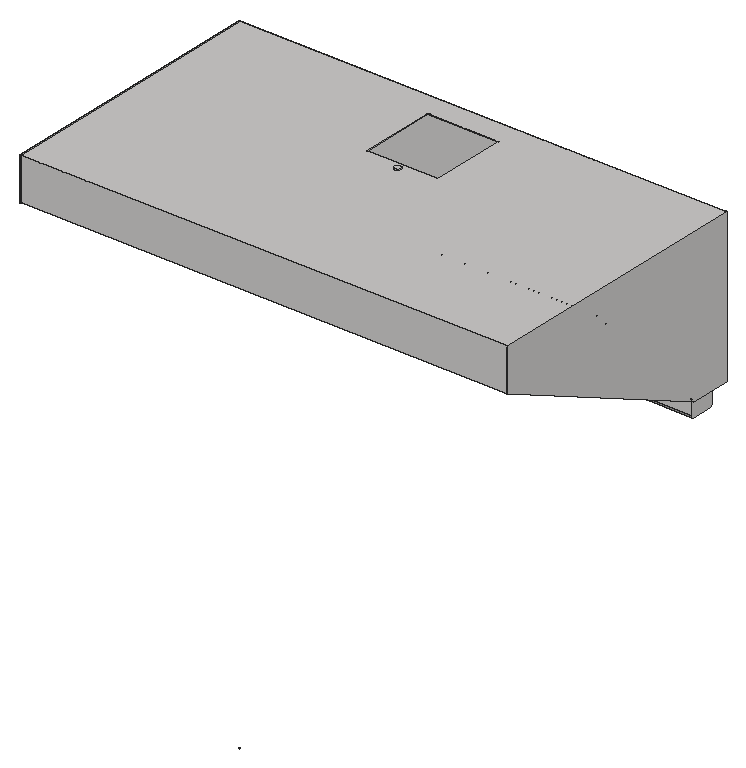
Revit family "QF_ELECTROLUXPROFESSIONAL_644184_AMPV916BT", category Specialty Equipment, Revit 2014
Reference planes
  plane 1: z = 0
  plane 2 "Center (Left/Right)": x = 150
  plane 3 "LEFT": x = -650
  plane 4 "RIGHT": x = 950
  plane 5 "BACK": y = 550
  plane 6 "Plane": z = 2000
  plane 7 "TOP": z = 2140
  plane 8 "Base": z = 1640
  plane 9: z = 1566
  plane 10 "DrainY": y = 485
  plane 11: x = -647
  plane 12: through (0, 414.509, 1640.8) normal (0, 0.7314, 0.682)
  plane 13: y = 470
  plane 14: y = 220
  plane 15 "DrainX": x = 830
  plane 16: x = 33.5
  plane 17: x = 266.5
  plane 18: x = 947
  plane 19: x = 740
  plane 20: x = 920
  plane 21: x = -450
  plane 22: x = 750
  plane 23: x = -47.5
  plane 24: x = 347.5
  plane 25 "Center (Front/Back)": y = 100
  plane 26: y = -350
  plane 27: y = 200
Forms (mm)
  Extrusion 1, solid, material "QF_Finishes_Stainless Steel"
    sketch origin (-650, 0, 0) x (0, 1, 0) y (0, 0, 1)
      loop
        line (550, 1640) -> (550, 2140) -> (-350, 2140) -> (-350, 1998.603) -> (413.973, 1640) -> (550, 1640)
    from 0 to 3
  Extrusion 2, solid, material "QF_Finishes_Stainless Steel"
    sketch origin (150, 0, 0) x (0, 1, 0) y (0, 0, 1)
      loop
        line (415.255, 1640) -> (550, 1640) -> (550, 2139.19) -> (549.2, 2139.19) -> (549.2, 1640.8) -> (415.876, 1640.8) -> (339.347, 1722.867) -> (349.609, 1732.436) -> (348.927, 1733.167) -> (337.934, 1722.917) -> (415.255, 1640)
      loop
        line (-82.203, 2139.19) -> (-82.203, 2118.6) -> (-31.047, 2118.6) -> (34.354, 2048.466) -> (46.028, 2059.352) -> (45.346, 2060.083) -> (34.403, 2049.879) -> (-30.612, 2119.6) -> (-81.203, 2119.6) -> (-81.203, 2139.19) -> (-82.203, 2139.19)
    from -797 to 797
  Extrusion 3, solid, material "QF_Finishes_Stainless Steel"
    sketch origin (950, 0, 0) x (0, 1, 0) y (0, 0, 1)
      loop
        line (550, 1640) -> (550, 2140) -> (-350, 2140) -> (-350, 1998.603) -> (413.973, 1640) -> (550, 1640)
    from 0 to -3
  Extrusion 4, solid, material "QF_Finishes_Stainless Steel"
    sketch origin (150, 0, 0) x (0, 1, 0) y (0, 0, 1)
      loop
        line (-350, 2140) -> (-350, 2000) -> (-349.2, 2000) -> (-349.2, 2139.19) -> (550, 2139.19) -> (550, 2140) -> (-350, 2140)
    from -800 to 800
  Extrusion 5, solid, material "QF_Finishes_Stainless Steel"
    sketch origin (150, 0, 0) x (0, 1, 0) y (0, 0, 1)
      loop
        line (534, 1640) -> (436, 1640) -> (436, 1627) -> (443.5, 1627) -> (443.5, 1576)
        arc (443.5, 1576) -> (446.429, 1568.929) -> (453.5, 1566) r 10
        line (453.5, 1566) -> (516.5, 1566)
        arc (516.5, 1566) -> (523.571, 1568.929) -> (526.5, 1576) r 10
        line (526.5, 1576) -> (526.5, 1627) -> (534, 1627) -> (534, 1640)
    from 590 to 770
  Extrusion 6, solid, material "QF_Finishes_Stainless Steel"
    sketch origin (0, 0, 1640) x (0, 1, 0) y (-1, 0, 0)
      loop
        circle (485, -830) r 20
    from -76 to -74
  Extrusion 7, solid, material "QF_Finished_Chrome"
    sketch origin (150, 0, 0) x (0, 1, 0) y (0, 0, 1)
      loop
        line (337.934, 1722.917) -> (341.591, 1726.327) -> (38.011, 2051.876) -> (34.354, 2048.466) -> (337.934, 1722.917)
    from -197.5 to -600
  Extrusion 8, solid, material "QF_Finishes_Stainless Steel"
    sketch origin (150, 0, 0) x (0, 1, 0) y (0, 0, 1)
      loop
        line (337.934, 1722.917) -> (341.591, 1726.327) -> (38.011, 2051.876) -> (34.354, 2048.466) -> (337.934, 1722.917)
    from 797 to 600
  Extrusion 9, solid, material "QF_Finished_Chrome"
    sketch origin (150, 0, 0) x (0, 1, 0) y (0, 0, 1)
      loop
        line (341.588, 1726.324) -> (38.009, 2051.874) -> (34.354, 2048.466) -> (337.934, 1722.917) -> (341.588, 1726.324)
    from 197.5 to 600
  Extrusion 10, void
    sketch origin (0, 0, 2140) x (0, 1, 0) y (-1, 0, 0)
      loop
        line (470, -266.5) -> (470, -33.5) -> (220, -33.5) -> (220, -266.5) -> (470, -266.5)
    from 0 to -10
  Extrusion 11, solid, material "QF_Finishes_Stainless Steel"
    sketch origin (0, 0, 0) x (1, 0, 0) y (0, 1, 0)
      loop
        line (-650, 550) -> (-650, 549) -> (-649, 549) -> (-649, 550) -> (-650, 550)
    from 0 to 1
  Extrusion 12, solid, material "QF_Finishes_Stainless Steel"
    sketch origin (150, 0, 0) x (0, 1, 0) y (0, 0, 1)
      loop
        line (337.934, 1722.917) -> (341.591, 1726.327) -> (38.011, 2051.876) -> (34.354, 2048.466) -> (337.934, 1722.917)
    from -600 to -797
  Extrusion 13, solid, material "QF_Finishes_Stainless Steel"
    sketch origin (150, 0, 0) x (0, 1, 0) y (0, 0, 1)
      loop
        line (337.934, 1722.917) -> (341.591, 1726.327) -> (38.011, 2051.876) -> (34.354, 2048.466) -> (337.934, 1722.917)
    from 197.5 to -197.5
  Extrusion 14, solid, material "QF_Finishes_Stainless Steel"
    sketch origin (0, 0, 2140) x (0, 1, 0) y (-1, 0, 0)
      loop
        circle (200, -150) r 10
    from 0 to 1.6
Cuts and joins
  Extrusion 10 cuts Extrusion 4
  joined: Extrusion 2, Extrusion 4
Lines and regions (mm)
  reference lines
    curve 1: line (150, 34.354, 2048.466) -> (150, 34.354, 1888.466)
  symbolic lines, style "SpecialityEquipment", detail levels coarse
    curve 2: line (950, 550, 2140) -> (-650, 550, 2140)
    curve 3: line (-650, 550, 2140) -> (-650, -350, 2140)
    curve 4: line (950, -350, 2140) -> (950, 550, 2140)
    curve 5: line (-650, -350, 2140) -> (950, -350, 2140)
    curve 6: line (266.5, 220, 2140) -> (33.5, 220, 2140)
    curve 7: line (266.5, 470, 2140) -> (266.5, 220, 2140)
    curve 8: line (33.5, 470, 2140) -> (266.5, 470, 2140)
    curve 9: line (33.5, 220, 2140) -> (33.5, 470, 2140)
    curve 10: line (-650, 550, 0) -> (950, -350, 0)
    curve 11: line (950, 550, 0) -> (-650, -350, 0)
Dimensions and locks
  plane 3 "LEFT" to plane 4 "RIGHT" = 1600 mm
  equal spacing: plane 3 "LEFT", plane 2 "Center (Left/Right)", plane 4 "RIGHT"
  locked: plane 6 "Plane" to level at 2000
  plane 7 "TOP" to plane 6 "Plane" = 140 mm
  locked: plane 7 "TOP" to plane 8 "Base" at 500
  plane 8 "Base" to plane 9 = 74 mm
  plane 5 "BACK" to plane 10 "DrainY" = 65 mm  (x2)
  plane 3 "LEFT" to plane 11 = 3 mm
  plane 5 "BACK" to plane 13 = 80 mm
  plane 13 to plane 14 = 250 mm  (x2)
  plane 15 "DrainX" to plane 4 "RIGHT" = 120 mm
  plane 18 to plane 4 "RIGHT" = 3 mm
  locked: plane 19 to plane 15 "DrainX" at 90
  locked: plane 15 "DrainX" to plane 20 at 90
  plane 13 to plane 5 "BACK" = 80 mm
  plane 3 "LEFT" to plane 21 = 200 mm
  plane 22 to plane 4 "RIGHT" = 200 mm
  locked: plane 23 to plane 24 at 395
  equal spacing: plane 23, plane 2 "Center (Left/Right)", plane 24
  locked: plane 16 to plane 17 at 233
  equal spacing: plane 16, plane 2 "Center (Left/Right)", plane 17
  locked: plane 5 "BACK" to plane 26 at 900
  equal spacing: plane 5 "BACK", plane 25 "Center (Front/Back)", plane 26
  plane 14 to plane 26 = 570 mm
  plane 5 "BACK" to plane 26 = 900 mm
  plane 14 to plane 27 = 20 mm
  aligned and locked: level to plane 1
  aligned and locked: Extrusion 2 to Extrusion 1
  aligned and locked: Extrusion 2 to Extrusion 3
  aligned and locked: plane 4 "RIGHT" to Extrusion 4
  aligned and locked: Extrusion 4 to plane 3 "LEFT"
  aligned and locked: plane 18 to Extrusion 8
  aligned and locked: Extrusion 10 to plane 16
  aligned and locked: Extrusion 10 to plane 14
  aligned and locked: Extrusion 10 to plane 13
  aligned and locked: Extrusion 2 to Extrusion 4
  aligned and locked: plane 20 to Extrusion 5
  aligned and locked: Extrusion 5 to plane 19
  aligned and locked: Extrusion 8 to plane 22
  aligned and locked: Extrusion 9 to plane 22
  aligned and locked: Extrusion 7 to plane 21
  aligned and locked: Extrusion 12 to plane 11
  aligned and locked: plane 21 to Extrusion 12
  aligned and locked: Extrusion 3 to plane 18
  aligned and locked: Extrusion 10 to plane 17
  aligned and locked: plane 17 to curve 7
  aligned and locked: plane 24 to Extrusion 13
  aligned and locked: Extrusion 13 to plane 23
  aligned and locked: Extrusion 9 to plane 24
Automatic sketch dimensions
  curve 5 to plane 4 "RIGHT" = 0 mm
  curve 6 to plane 14 = 0 mm
  plane 13 to curve 8 = 0 mm
  curve 3 to plane 3 "LEFT" = 0 mm
  curve 3 to plane 5 "BACK" = 0 mm
  curve 6 to plane 16 = 0 mm
  Extrusion 2 sketch curve to plane 12 = 0 mm  (x3)
  Extrusion 2 sketch curve to plane 8 "Base" = 0 mm
  plane 12 to Extrusion 2 sketch curve = 0 mm
  Extrusion 2 sketch curve to plane 5 "BACK" = 0 mm
  Extrusion 2 sketch curve to Extrusion 2 sketch curve = 65.646 mm
  Extrusion 2 sketch curve to Extrusion 2 sketch curve = 0.682 mm  (x2)
  Extrusion 2 sketch curve to Extrusion 2 sketch curve = 10.261 mm
  plane 8 "Base" to Extrusion 2 sketch curve = 82.917 mm
  Extrusion 2 sketch curve to Extrusion 2 sketch curve = 10.942 mm
  Extrusion 2 sketch curve to Extrusion 2 sketch curve = 0.049 mm
  Extrusion 2 sketch curve to plane 7 "TOP" = 20.4 mm
  Extrusion 2 sketch curve to plane 7 "TOP" = 21.4 mm
  Extrusion 2 sketch curve to plane 7 "TOP" = 0.81 mm  (x2)
  Extrusion 2 sketch curve to Extrusion 2 sketch curve = 50.156 mm
  Extrusion 2 sketch curve to Extrusion 2 sketch curve = 1 mm
  plane 8 "Base" to Extrusion 2 sketch curve = 0.8 mm
  Extrusion 2 sketch curve to plane 5 "BACK" = 0.8 mm
  Extrusion 4 sketch curve to plane 6 "Plane" = 0 mm
  Extrusion 4 sketch curve to plane 5 "BACK" = 0 mm
  Extrusion 4 sketch curve to plane 7 "TOP" = 0 mm
  Extrusion 4 sketch curve to plane 7 "TOP" = 0.81 mm
  curve 1 to plane 12 = 0 mm
  curve 1 to plane 6 "Plane" = 111.534 mm
  Extrusion 5 sketch curve to plane 8 "Base" = 0 mm
  Extrusion 5 sketch curve to plane 9 = 0 mm
  Extrusion 5 sketch curve to plane 8 "Base" = 13 mm  (x2)
  plane 13 to Extrusion 5 sketch curve = 34 mm
  Extrusion 5 sketch curve to Extrusion 5 sketch curve = 7.5 mm  (x2)
  Extrusion 5 sketch curve to Extrusion 5 sketch curve = 10 mm
  plane 10 "DrainY" to Extrusion 5 sketch curve = 31.5 mm
  Extrusion 5 sketch curve to plane 5 "BACK" = 23.5 mm
  Extrusion 6 sketch curve to plane 10 "DrainY" = 0 mm
  Extrusion 6 sketch curve to plane 15 "DrainX" = 0 mm
  Extrusion 7 sketch curve to plane 12 = 0 mm  (x2)
  Extrusion 7 sketch curve to Extrusion 7 sketch curve = 3.657 mm
  plane 8 "Base" to Extrusion 7 sketch curve = 82.917 mm
  Extrusion 8 sketch curve to plane 12 = 0 mm  (x2)
  Extrusion 8 sketch curve to Extrusion 8 sketch curve = 3.657 mm
  plane 8 "Base" to Extrusion 8 sketch curve = 82.917 mm
  Extrusion 9 sketch curve to plane 12 = 0 mm  (x2)
  Extrusion 9 sketch curve to Extrusion 9 sketch curve = 3.655 mm
  plane 8 "Base" to Extrusion 9 sketch curve = 82.917 mm
  Extrusion 10 sketch curve to plane 14 = 0 mm
  plane 13 to Extrusion 10 sketch curve = 0 mm
  Extrusion 10 sketch curve to plane 17 = 0 mm
  Extrusion 10 sketch curve to plane 16 = 0 mm
  Extrusion 11 sketch curve to plane 3 "LEFT" = 0 mm
  Extrusion 11 sketch curve to plane 5 "BACK" = 0 mm
  plane 3 "LEFT" to Extrusion 11 sketch curve = 1 mm
  Extrusion 11 sketch curve to Extrusion 11 sketch curve = 1 mm
  Extrusion 12 sketch curve to plane 12 = 0 mm  (x2)
  Extrusion 12 sketch curve to Extrusion 12 sketch curve = 3.657 mm
  plane 8 "Base" to Extrusion 12 sketch curve = 82.917 mm
  Extrusion 13 sketch curve to plane 12 = 0 mm  (x2)
  Extrusion 13 sketch curve to Extrusion 13 sketch curve = 3.657 mm
  plane 8 "Base" to Extrusion 13 sketch curve = 82.917 mm
  Extrusion 4 sketch curve to Extrusion 4 sketch curve = 0.8 mm
  curve 5 to plane 14 = 570 mm
  plane 6 "Plane" to Extrusion 2 sketch curve = 48.466 mm
  Extrusion 4 sketch curve to plane 14 = 569.2 mm
  curve 1 to plane 14 = 185.646 mm
  plane 6 "Plane" to Extrusion 7 sketch curve = 51.876 mm
  plane 6 "Plane" to Extrusion 8 sketch curve = 51.876 mm
  plane 6 "Plane" to Extrusion 9 sketch curve = 51.874 mm
  plane 6 "Plane" to Extrusion 12 sketch curve = 51.876 mm
  plane 6 "Plane" to Extrusion 13 sketch curve = 51.876 mm
  Extrusion 3 sketch curve to plane 5 "BACK" = 0 mm
  Extrusion 1 sketch curve to plane 26 = 0 mm
  Extrusion 1 sketch curve to plane 8 "Base" = 0 mm
  Extrusion 1 sketch curve to plane 5 "BACK" = 0 mm
  Extrusion 1 sketch curve to plane 7 "TOP" = 0 mm
  plane 13 to Extrusion 1 sketch curve = 56.027 mm
  Extrusion 1 sketch curve to plane 6 "Plane" = 1.397 mm
  Extrusion 3 sketch curve to plane 8 "Base" = 0 mm
  plane 13 to Extrusion 3 sketch curve = 56.027 mm
  Extrusion 3 sketch curve to plane 26 = 0 mm
  Extrusion 3 sketch curve to plane 6 "Plane" = 1.397 mm
  Extrusion 3 sketch curve to plane 7 "TOP" = 0 mm
  curve 11 to plane 3 "LEFT" = 0 mm
  curve 10 to plane 3 "LEFT" = 0 mm
  curve 11 to plane 4 "RIGHT" = 0 mm
  curve 10 to plane 4 "RIGHT" = 0 mm
  curve 10 to plane 26 = 0 mm
  curve 11 to plane 26 = 0 mm
  curve 11 to plane 5 "BACK" = 0 mm
  curve 10 to plane 5 "BACK" = 0 mm
  Extrusion 14 sketch curve to plane 2 "Center (Left/Right)" = 0 mm
  Extrusion 14 sketch curve to plane 27 = 0 mm
  radius of Extrusion 6 sketch curve = 20 mm
  radius of Extrusion 14 sketch curve = 10 mm
Connectors
  piping at (830, 485, 1564), diameter 20
    settings: on Extrusion 6, index 1, connector inside diameter 609.6 mm, connector length 0 mm, flow factor 0, pipe flow 0.0 L/s, pressure drop 0.0 Pa, fitting loss kfactor 0, connector angle 0.00°, fixture units 0, engagement length 0 mm, angle of deflection 0.00°, flow configuration 1, flow direction 2, fitting loss method 0, system type 16, joint type 0, gender type 0, connector reference index -1, connector utility 0, adjustable connector no, is connector primary yes, connector description "Drain"
  hvac at (150, 345, 2140)
    settings: on Extrusion 10, index 2, duct flow 0.0 L/s, flow factor 0, pres drop 0.0 Pa, loss coef 0, conn angle 0.00°, conn width 250 mm, conn height 233 mm, conn diameter 609.6 mm, duct sys type 3, conn prof type 1, flow config 1, flow direction 0, loss method 0, conn ref index -1, conn util no, is conn primary yes, conn desc "EXHAUST OUTLET"
  electrical at (150, 200, 2141.6)
    settings: on Extrusion 14, index 3, voltage 0 V, apparent load 0 VA, apparent load phase1 0 VA, apparent load phase2 0 VA, apparent load phase3 0 VA, power factor 1, load classification "Other", number of poles 1, system type 30, power factor state 1, is connector primary yes, connector utility no, sub classification motor no, connector description "Electrical Connection"
